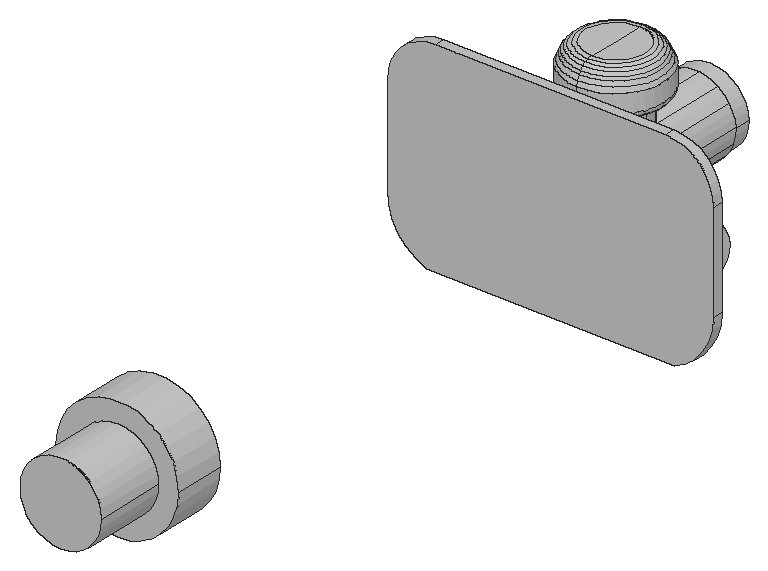
Revit family
Parameters (values of type "5609QT-04")
  Width = 4"
  Weight (lb) = 1.97
  Warranty = "1 year material and workmanship"  # constant formula
  URL = "http://www.jrsmith.com"
  Product URL = "http://www.jrsmith.com/products/hyd/submittal/d5609qt.pdf"
  Mounting Heigh = 18"
  Hose Connection Diameter = "3/4\""
  Technical and Installation = "http://www.jrsmith.com/products/hyd/techdata/hydrants_technical_data.htm"
  SmartBIM Object Version = 3  # constant formula
  SmartBIM Object Created By = "Reed Construction Data"  # constant formula
  OmniClass Title = "Facility Water Distribution and Piping"  # constant formula
  OmniClass Code = "22-22 11 13"  # constant formula
  Model = "5609QT"
  Material Finish = Duco coated
  Material = Stainless Steel
  Manufacturer = "Jay R. Smith Mfg. Co. "  # constant formula
  Height = 2 1/2"
  Flow Rate = ""
  Description = "Bronze nickel plated quarter turn non-freeze hydrant with 3/4\" hose connection, backer plate, integral vacuum breaker with vandal resistant cap and \"T\" handle key"
  Assembly Code = "D2020300"
  Action = "Key Quarter Turn"  # constant formula
  95 CSI = "15100"  # constant formula
  04 CSI = "22 11 13"  # constant formula
Types (8): name | Weight (lb)
  5609QT-04 | 1.97
  5609QT-08 | 2.41
  5609QT-12 | 2.56
  5609QT-18 | 3
  5609QT-24 | 3.53
  5609QT-30 | 3.95
  5609QT-36 | 4.36
  5609QT-SAP | 4.36
Reference planes (in)
  plane 1: y = 0
  plane 2 "Center (Left/Right)": x = -3.49752
  plane 3 "Back": y = 3
  plane 4: x = -5.49752
  plane 5: x = -1.49752
  plane 6: z = 20.5
  plane 7: z = 19.25
  plane 8: z = 18
  plane 9: y = 3.125
  plane 10: y = -3
  plane 11: y = 5.4375
  plane 12: y = -4.5
Forms (in)
  Extrusion 1, solid, material "Stainless Steel"
    sketch origin (-60, 3, 0) x (-1, 0, 0) y (0, 0, 1)
      loop
        line (-58.50248, 19.90709) -> (-58.50248, 18.69874)
        arc (-58.50248, 18.69874) -> (-58.37178, 18.27565) -> (-58.02523, 18) r 0.75013
        line (-58.02523, 18) -> (-54.97973, 18)
        arc (-54.97973, 18) -> (-54.63318, 18.27565) -> (-54.50248, 18.69874) r 0.75013
        line (-54.50248, 18.69874) -> (-54.50248, 19.90709)
        arc (-54.50248, 19.90709) -> (-54.67614, 20.32634) -> (-55.09539, 20.5) r 0.59291
        line (-55.09539, 20.5) -> (-57.90957, 20.5)
        arc (-57.90957, 20.5) -> (-58.32882, 20.32634) -> (-58.50248, 19.90709) r 0.59291
    from 0.125 to 0
Text (in)
  text "Placement Side" at (0, 40.15149, 123.01588), in view "Right"
  text "Placement Side" at (-70.3804, 45.82615, 0), in view "Ref. Level"
  text "Placement Side" at (0, 47.49176, 113.10569), in view "Left"
Dimensions and locks (in)
  locked: plane 3 "Back" to host wall
  equal spacing: plane 8, plane 7, plane 6
  "Mounting Heigh": level to plane 8
  "Height": plane 8 to plane 6
  equal spacing: plane 4, plane 2 "Center (Left/Right)", plane 5
  "Width": plane 4 to plane 5
  locked: plane 9 to plane 3 "Back" at 0.125
  locked: plane 10 to plane 12 at 1.5
  locked: plane 11 to host wall at 2.4375
  aligned and locked: host wall to plane 10
  aligned and locked: plane 9 to Extrusion 1
  aligned and locked: plane 3 "Back" to Extrusion 1
  aligned and locked: Extrusion 1 sketch curve to plane 8
  aligned and locked: plane 5 to Extrusion 1 sketch curve
  aligned and locked: Extrusion 1 sketch curve to plane 6
  aligned and locked: plane 4 to Extrusion 1 sketch curve
  aligned and locked: nested 1 to plane 9
  aligned and locked: plane 2 "Center (Left/Right)" to nested 1
  aligned and locked: plane 7 to nested 1
  aligned and locked: host wall to nested 2
  aligned and locked: plane 2 "Center (Left/Right)" to nested 2
  aligned and locked: plane 7 to nested 2
Automatic sketch dimensions
  Extrusion 1 sketch curve to Extrusion 1 sketch curve = 0.47725"
  Extrusion 1 sketch curve to Extrusion 1 sketch curve = 0.27288"  (x2)
  Extrusion 1 sketch curve to Extrusion 1 sketch curve = 0.59291"
  plane 4 to Extrusion 1 sketch curve = 0.59291"
  Extrusion 1 sketch curve to plane 8 = 0.69874"
Nested families (in)
  nested 1: "Family1" at (-3.49752, 3.125, 12.97593), type "Family1"
  nested 2: "Family2" at (-3.49752, -3, 19.25), type "Family2"
Definition of nested family "Family1"
  Parameters (values of type "Family1")
    Material = Stainless Steel
    Assembly Code = ""
  Reference planes (in)
    plane 1 "Center (Front/Back)": y = 0
    plane 2: z = 0
    plane 3 "Center (Left/Right)": x = 0
    plane 4: y = 2.0916
    plane 5: z = 6.27407
  Forms (in)
    Revolve 1, solid, material "Stainless Steel" <- "Material"
      sketch origin (0, -0.26562, 0) x (0, 1, 0) y (0, 0, 1)
        loop
          line (1.13716, 7.61752) -> (0.76824, 7.61752)
          arc (0.76824, 7.61752) -> (0.74304, 7.61576) -> (0.71834, 7.61053) r 0.18163
          arc (0.71834, 7.61053) -> (0.69547, 7.6023) -> (0.6739, 7.5911) r 0.18163
          arc (0.6739, 7.5911) -> (0.65538, 7.5782) -> (0.6386, 7.5631) r 0.18163
          arc (0.6386, 7.5631) -> (0.62293, 7.54486) -> (0.60981, 7.52471) r 0.18163
          arc (0.60981, 7.52471) -> (0.59986, 7.50656) -> (0.59028, 7.48821) r 1.05562
          arc (0.59028, 7.48821) -> (0.57732, 7.46193) -> (0.56511, 7.4353) r 1.05562
          arc (0.56511, 7.4353) -> (0.55291, 7.40656) -> (0.54156, 7.37747) r 1.05562
          line (0.54156, 7.37747) -> (0.54156, 7.15255)
          arc (0.54156, 7.15255) -> (0.54695, 7.12311) -> (0.56243, 7.09749) r 0.08307
          arc (0.56243, 7.09749) -> (0.57459, 7.08625) -> (0.58873, 7.07764) r 0.08307
          arc (0.58873, 7.07764) -> (0.60623, 7.07154) -> (0.62463, 7.06948) r 0.08307
          line (0.62463, 7.06948) -> (1.13716, 7.06948) -> (1.13716, 7.61752)
        axis (1.13716, 7.06948) -> (1.13716, 7.61752)
      angle from 0 to 360
    Revolve 2, solid, material "Stainless Steel" <- "Material"
      sketch origin (0, 0, 0) x (0, 1, 0) y (0, 0, 1)
        loop
          line (0.5295, 5.81276) -> (1.7023, 4.7191) -> (1.7023, 4.59017) -> (1.8, 4.49246) -> (1.88142, 4.57388) -> (1.81223, 4.64306) -> (1.8634, 4.69423) -> (1.8323, 4.72533) -> (1.9697, 4.86272) -> (0.95091, 5.81276) -> (0.5295, 5.81276)
        axis (2.06655, 4.77241) -> (0.72551, 6.02295)
      angle from 0 to 360
    Extrusion 3, solid, material "Stainless Steel" <- "Material"
      sketch origin (0, 0, 0) x (1, 0, 0) y (0, 0, 1)
        loop
          arc (-0.32138, 6.64717) -> (-0.38049, 6.58656) -> (-0.42834, 6.51671) r 0.49203
          arc (-0.42834, 6.51671) -> (-0.47254, 6.4117) -> (-0.49141, 6.29934) r 0.49203
          arc (-0.49141, 6.29934) -> (-0.48777, 6.20997) -> (-0.46801, 6.12274) r 0.49203
          arc (-0.46801, 6.12274) -> (-0.43116, 6.03754) -> (-0.37897, 5.96078) r 0.49203
          arc (-0.37897, 5.96078) -> (-0.30534, 5.88876) -> (-0.21833, 5.83365) r 0.49203
          arc (-0.21833, 5.83365) -> (-0.11736, 5.79677) -> (-0.0108, 5.78268) r 0.49203
          arc (-0.0108, 5.78268) -> (0.09127, 5.7911) -> (0.18938, 5.82047) r 0.49203
          arc (0.18938, 5.82047) -> (0.28323, 5.87226) -> (0.36364, 5.94314) r 0.49203
          arc (0.36364, 5.94314) -> (0.42108, 6.02006) -> (0.46249, 6.10666) r 0.49203
          arc (0.46249, 6.10666) -> (0.48685, 6.20336) -> (0.49121, 6.30298) r 0.49203
          arc (0.49121, 6.30298) -> (0.46789, 6.42681) -> (0.41389, 6.54065) r 0.49203
          arc (0.41389, 6.54065) -> (0.35201, 6.61837) -> (0.27579, 6.68207) r 0.49203
          arc (0.27579, 6.68207) -> (0.16995, 6.73634) -> (0.05417, 6.76363) r 0.49203
          arc (0.05417, 6.76363) -> (-0.05558, 6.76348) -> (-0.16256, 6.73899) r 0.49203
          arc (-0.16256, 6.73899) -> (-0.24629, 6.70055) -> (-0.32138, 6.64717) r 0.49203
      from -2.0916 to 0
    Extrusion 4, solid, material "Stainless Steel" <- "Material"
      sketch origin (0, 0, 0) x (1, 0, 0) y (0, 0, 1)
        loop
          circle (0, 6.27459) r 0.47378
        loop
          circle (0, 6.27459) r 0.21678
        loop
          line (-0.11001, 6.37804) -> (-0.11001, 6.1701) -> (0.10086, 6.1701) -> (0.10086, 6.37804) -> (-0.11001, 6.37804)
      from -2.3125 to -2.0916
    Extrusion 5, solid, material "Stainless Steel" <- "Material"
      sketch origin (0, 0, 4.21284) x (1, 0, 0) y (0, 0, 1)
        loop
          arc (-0.46269, 2.17184) -> (-0.49707, 2.16806) -> (-0.52919, 2.15525) r 0.12861
          arc (-0.52919, 2.15525) -> (-0.56107, 2.12983) -> (-0.58338, 2.0957) r 0.12861
          arc (-0.58338, 2.0957) -> (-0.59354, 2.05942) -> (-0.59274, 2.02174) r 0.12861
          arc (-0.59274, 2.02174) -> (-0.57869, 1.9814) -> (-0.5522, 1.94787) r 0.12861
          arc (-0.5522, 1.94787) -> (-0.50652, 1.92122) -> (-0.45397, 1.91521) r 0.12861
          arc (-0.45397, 1.91521) -> (-0.46881, 1.98782) -> (-0.47378, 2.06176) r 0.55191
          arc (-0.47378, 2.06176) -> (-0.471, 2.11708) -> (-0.46269, 2.17184) r 0.55191
        loop
          arc (0.46269, 2.17184) -> (0.471, 2.11708) -> (0.47378, 2.06176) r 0.55191
          arc (0.47378, 2.06176) -> (0.46881, 1.98782) -> (0.45397, 1.91521) r 0.55191
          arc (0.45397, 1.91521) -> (0.50652, 1.92122) -> (0.5522, 1.94787) r 0.12861
          arc (0.5522, 1.94787) -> (0.57869, 1.9814) -> (0.59274, 2.02174) r 0.12861
          arc (0.59274, 2.02174) -> (0.59354, 2.05942) -> (0.58338, 2.0957) r 0.12861
          arc (0.58338, 2.0957) -> (0.56107, 2.12983) -> (0.52919, 2.15525) r 0.12861
          arc (0.52919, 2.15525) -> (0.49707, 2.16806) -> (0.46269, 2.17184) r 0.12861
      from -1.18698 to 0
    Extrusion 6, solid, material "Stainless Steel" <- "Material"
      sketch origin (0, -0.39063, 0) x (1, 0, 0) y (0, 1, 0)
        loop
          arc (-0.3367, 1.45379) -> (-0.35843, 1.40854) -> (-0.3741, 1.36085) r 0.38636
          arc (-0.3741, 1.36085) -> (-0.38349, 1.3113) -> (-0.38635, 1.26096) r 0.38636
          arc (-0.38635, 1.26096) -> (-0.37444, 1.16907) -> (-0.341, 1.08266) r 0.38636
          arc (-0.341, 1.08266) -> (-0.30616, 1.02864) -> (-0.26285, 0.98113) r 0.38636
          arc (-0.26285, 0.98113) -> (-0.17458, 0.91963) -> (-0.07277, 0.88486) r 0.38636
          arc (-0.07277, 0.88486) -> (0.05642, 0.88208) -> (0.1793, 0.92207) r 0.38636
          arc (0.1793, 0.92207) -> (0.26357, 0.98181) -> (0.329, 1.06174) r 0.38636
          arc (0.329, 1.06174) -> (0.36991, 1.15276) -> (0.38614, 1.25122) r 0.38636
          arc (0.38614, 1.25122) -> (0.37623, 1.35218) -> (0.34039, 1.44709) r 0.38636
          arc (0.34039, 1.44709) -> (0.28088, 1.5296) -> (0.2019, 1.59371) r 0.38636
          arc (0.2019, 1.59371) -> (0.09627, 1.63848) -> (-0.01785, 1.65025) r 0.38636
          arc (-0.01785, 1.65025) -> (-0.12059, 1.63136) -> (-0.21451, 1.58564) r 0.38636
          arc (-0.21451, 1.58564) -> (-0.28338, 1.52692) -> (-0.3367, 1.45379) r 0.38636
      from 6.72124 to 7.06948
  Dimensions and locks (in)
    Revolve 1 sketch curve to plane 1 "Center (Front/Back)" = 0.27594"
    locked: Revolve 1 sketch curve to Revolve 1 sketch curve at 0.5956
    locked: Revolve 1 sketch curve to Revolve 1 sketch curve at 0.54804
    aligned and locked: plane 4 to Extrusion 3
Definition of nested family "Family2"
  Parameters
    Material = none
  Reference planes (in)
    plane 1 "Center (Front/Back)": y = 0
    plane 2: z = 0
    plane 3 "Center (Left/Right)": x = 0
    plane 4: y = -1.5
  Forms (in)
    Extrusion 1, solid, material <- "Material"
      sketch origin (0, 0, 0) x (1, 0, 0) y (0, 0, 1)
        loop
          circle (0, 0) r 0.75
      from 0 to 0.63644
    Extrusion 2, solid, material <- "Material"
      sketch origin (0, 0, 0) x (1, 0, 0) y (0, 0, 1)
        loop
          circle (0, 0) r 0.5
      from 0.63644 to 1.5
  Dimensions and locks (in)
    aligned and locked: Extrusion 2 to Extrusion 1
    aligned and locked: plane 4 to Extrusion 2
    aligned and locked: Extrusion 1 to plane 1 "Center (Front/Back)"
